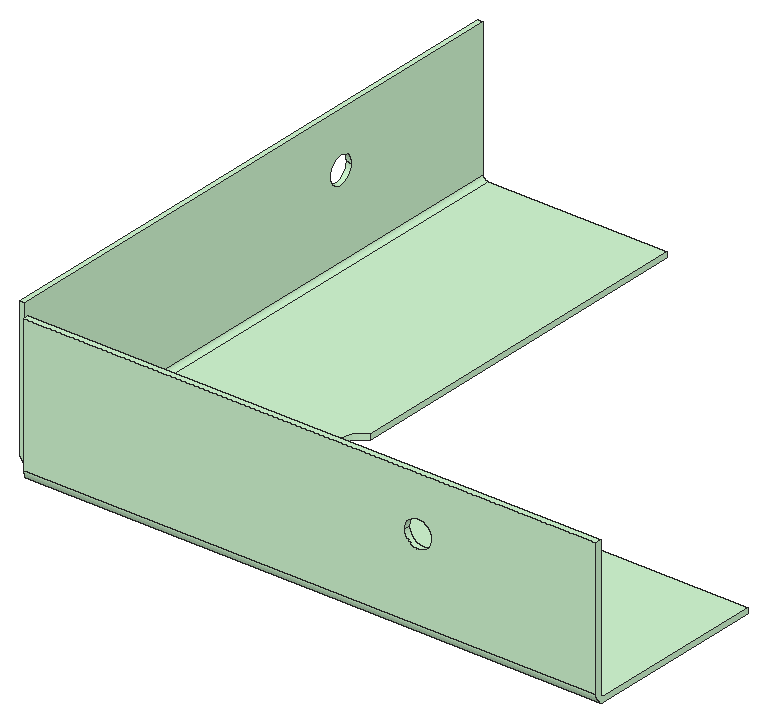
Revit family "30lbarj_el3025_in", category 機械設備, Revit 2022
Family settings
  丸型コネクタ寸法 = 直径を使用
  種別 = なし
  パーツ タイプ = 標準
  作業面ベース = いいえ
  常に垂直 = はい
  ロード時にボイドで切り取り = いいえ
  注釈の向きを維持 = いいえ
  共有 = いいえ
  部屋計算ポイント = いいえ
Parameters
  製造元 = "株式会社桐井製作所"
  既定の高さ = 0 mm
  URL = "https://www.kirii.co.jp/"
  K_材質 = "溶融亜鉛めっき鋼板及び鋼帯 SGCC 一般用"
  K_品名 = "30Lバー入隅J-eL3025(ビス)"
  K_名称 = "Lバージョイント"
  K_入数 = "200"
  K_備考 = "対象Lバー:eL3025(30面)"
  K_バージョン情報 = "20220915"
  K_めっき付着量 = "Z12"
  K_JIS規格 = "JIS G 3302"
Reference planes
  plane 1 "中心(正面/背面)": y = 0
  plane 2: z = 0
  plane 3 "中心(左/右)": x = 0
Forms (mm)
  Extrusion 1, solid
    sketch origin (-0.8, 0, 0) x (-1, 0, 0) y (0, 0, -1)
      loop
        line (0, -21.5) -> (0, -1.5)
        arc (0, -1.5) -> (-0.439, -0.439) -> (-1.5, 0) r 1.5
        line (-1.5, 0) -> (-27.8, 0) -> (-27.8, -0.8) -> (-1.5, -0.8)
        arc (-1.5, -0.8) -> (-1.005, -1.005) -> (-0.8, -1.5) r 0.7
        line (-0.8, -1.5) -> (-0.8, -21.5) -> (0, -21.5)
    from -86 to -2.2
  Extrusion 2, solid
    sketch origin (0, 0, 0.8) x (0, 1, 0) y (0, 0, 1)
      loop
        arc (-0.8, 0.7) -> (-0.361, -0.361) -> (0.7, -0.8) r 1.5
        line (0.7, -0.8) -> (27, -0.8) -> (27, 0) -> (0.7, 0)
        arc (0.7, 0) -> (0.205, 0.205) -> (0, 0.7) r 0.7
        line (0, 0.7) -> (0, 20.7) -> (-0.8, 20.7) -> (-0.8, 0.7)
    from 2.2 to 86
  Extrusion 3, void
    sketch origin (0, 0, 0) x (0, 1, 0) y (0, 0, 1)
      loop
        circle (60, 13.5) r 2
    from -0.8 to 0
  Extrusion 4, void
    sketch origin (0, 0, 0) x (1, 0, 0) y (0, 0, 1)
      loop
        circle (60, 13.5) r 2
    from 0 to 0.8
  Extrusion 5, void
    sketch origin (0, 0, 0) x (1, 0, 0) y (0, 1, 0)
      loop
        line (27, 27) -> (27, 31.705)
        arc (27, 31.705) -> (25.895, 26.062) -> (31.568, 27) r 3.5
        line (31.568, 27) -> (27, 27)
    from 0 to 0.8
Cuts and joins
  Extrusion 3, Extrusion 5 cuts Extrusion 1
  Extrusion 4, Extrusion 5 cuts Extrusion 2
  joined: Extrusion 1, Extrusion 2
Dimensions and locks
  aligned and locked: level to plane 2
